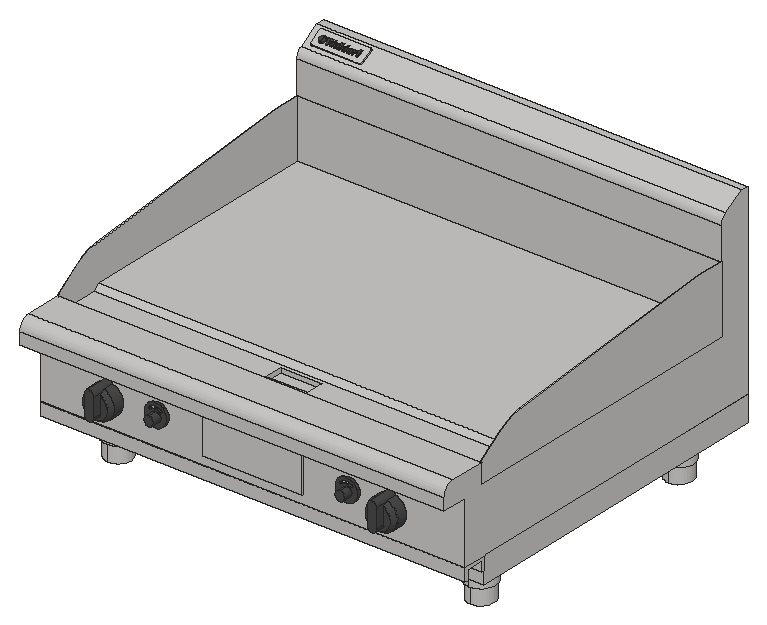
Revit family "QF_MOFFAT WALDORF_GP8900G-B", category Specialty Equipment, Revit 2012
Parameters
  Width [instance] = 900.0 mm  # constant formula
  Weight in Pounds = 346.1253
  URL Cutsheet = "www.moffat.com"
  URL = "www.moffat.com"
  Type Mark [instance] = ""
  Status [instance] = ""
  Specification by User [instance] = ""
  Specification by Manufacturer = ""
  Show Logo [instance] = yes
  Serial Number = ""
  Seismic Rating = ""
  SMACNA No = ""
  Revision Code [instance] = ""
  Omniclass Number and Title = ""
  NAFEM Spec ID Number = ""
  Model = "GP8900G-B"
  Mechanical Remarks [instance] = ""
  Mechanical Connection Type [instance] = ""
  Masterspec = ""
  Manufacturer = "MOFFAT WALDORF"
  Item Number [instance] = ""
  Installed By [instance] = ""
  Identify Quantity as Lot [instance] = yes
  Height [instance] = 530.0 mm  # constant formula
  Gas Size = 3/4"
  Gas RI Height [instance] = 0.0 mm
  Gas KW [instance] = 22.2
  Gas Input [instance] = 75825.0 Btu/h
  Gas Connection Height = 0.0 mm
  Furnished By [instance] = ""
  Foodservice Equipment Identifier [instance] = yes
  Description = "GRIDDLE PLATE GAS BENCH MOUNT"
  Depth [instance] = 805.0 mm  # constant formula
  CSI MasterFormat = ""
  CSI Master Format = ""
  Base Height [instance] = 80.0 mm
Reference planes
  plane 1 "BACK": y = 0
  plane 2: z = 0
  plane 3 "LEFT": x = 0
  plane 4 "RIGHT": x = 900
  plane 5 "FRONT": y = -805
  plane 6 "TOP": z = 530
  plane 7 "Center Y": x = 450
  plane 8 "Center X": y = -402.5
  plane 9 "Base Height": z = 80
  plane 10: x = 65
  plane 11: x = 834
Forms (mm)
  Extrusion 1, solid, material "QF_Finishes_Stainless Steel"
    sketch origin (0, 0, 0) x (0, 1, 0) y (0, 0, 1)
      loop
        line (-805, 291) -> (-805, 266) -> (-749, 266) -> (-749, 135) -> (0, 135) -> (0, 530) -> (-16.5, 530) -> (-58.709, 505.631)
        arc (-58.709, 505.631) -> (-66.975, 497.365) -> (-70, 486.074) r 22.582
        line (-70, 486.074) -> (-70, 275) -> (-705, 275) -> (-705, 315) -> (-781, 315)
        arc (-781, 315) -> (-797.971, 307.971) -> (-805, 291) r 24
      loop
        line (0, 80) -> (0, 134.206) -> (-699, 134.206) -> (-699, 80) -> (0, 80)
      loop
        line (-749, 134.206) -> (-749, 107.019) -> (-742.6, 107.019) -> (-742.6, 127.806) -> (-706.4, 127.806) -> (-706.4, 107.019) -> (-700, 107.019) -> (-700, 134.206) -> (-749, 134.206)
    from 0 to 900
  Revolve 2, solid, material "QF_Finishes_Stainless Steel"
    sketch origin (834, -210, 0) x (0, 1, 0) y (0, 0, -1)
      loop
        line (78.25, -80) -> (110, -80) -> (110, 0) -> (82.5, 0) -> (82.5, -35) -> (78.25, -35) -> (78.25, -80)
      axis (110, -80) -> (110, 0)
    angle from 0 to 360
  Revolve 3, solid, material "QF_Finishes_Stainless Steel"
    sketch origin (65, -210, 0) x (0, 1, 0) y (0, 0, 1)
      loop
        line (78.25, 80) -> (78.25, 35) -> (82.5, 35) -> (82.5, 0) -> (110, 0) -> (110, 80) -> (78.25, 80)
      axis (110, 80) -> (110, 0)
    angle from 0 to 360
  Extrusion 4, solid, material "QF_Finishes_Stainless Steel"
    sketch origin (705, 3, -500) x (1, 0, 0) y (0, 1, 0)
      loop
        circle (64, -35) r 13.5
    from 555 to 580
  Revolve 5, solid, material "QF_Finishes_Black"
    sketch origin (150, 0, -0.127) x (0, 1, 0) y (0, 0, -1)
      loop
        line (-782, -229.5) -> (-759, -229.5) -> (-759, -202) -> (-749, -202) -> (-749, -197) -> (-793, -197) -> (-793, -223.651) -> (-782, -229.5)
      axis (-793, -197) -> (-749, -197)
    angle from 0 to 360
  Extrusion 6, solid, material "QF_Finishes_Black"
    sketch origin (288.27, 0, 0.031) x (-1, 0, 0) y (0, 0, -1)
      loop
        arc (148.269, -184.969) -> (138.269, -174.969) -> (128.269, -184.969) r 10
        line (128.269, -184.969) -> (128.269, -223.969)
        arc (128.269, -223.969) -> (138.269, -233.969) -> (148.269, -223.969) r 10
        line (148.269, -223.969) -> (148.269, -184.969)
    from 759 to 808
  Revolve 7, solid, material "QF_Finishes_Stainless Steel"
    sketch origin (834, -735, 0) x (0, 1, 0) y (0, 0, -1)
      loop
        line (78.25, -80) -> (110, -80) -> (110, 0) -> (82.5, 0) -> (82.5, -35) -> (78.25, -35) -> (78.25, -80)
      axis (110, -80) -> (110, 0)
    angle from 0 to 360
  Revolve 8, solid, material "QF_Finishes_Stainless Steel"
    sketch origin (65, -735, 0) x (0, 1, 0) y (0, 0, 1)
      loop
        line (78.25, 80) -> (78.25, 35) -> (82.5, 35) -> (82.5, 0) -> (110, 0) -> (110, 80) -> (78.25, 80)
      axis (110, 80) -> (110, 0)
    angle from 0 to 360
  Extrusion 9, solid, material "QF_Finishes_Stainless Steel"
    sketch origin (-295, -749, 266) x (0, 0, -1) y (1, 0, 0)
      loop
        line (26.5, 640) -> (113.5, 640) -> (113.5, 850) -> (26.5, 850) -> (26.5, 640)
    from 0 to 2.5
  Extrusion 10, solid, material "QF_Finishes_Stainless Steel"
    sketch origin (-295, -751.5, 266) x (0, 0, -1) y (1, 0, 0)
      loop
        line (33.5, 850) -> (26.5, 850) -> (26.5, 640) -> (33.5, 640) -> (33.5, 850)
    from 0 to 5
  Extrusion 11, solid, material "QF_Finishes_Black"
    sketch origin (0, -749, 266) x (0, 0, -1) y (1, 0, 0)
      loop
        circle (68.75, 247.5) r 24
      loop
        arc (58.85, 262.413) -> (50.814, 247.625) -> (58.632, 232.719) r 17.868
        arc (58.632, 232.719) -> (59.112, 232.434) -> (59.627, 232.649) r 0.621
        arc (59.627, 232.649) -> (61.064, 235.208) -> (61.408, 238.122) r 7.495
        arc (61.408, 238.122) -> (61.204, 239.05) -> (60.756, 239.888) r 3.472
        arc (60.756, 239.888) -> (58.464, 247.351) -> (60.594, 254.862) r 13.786
        arc (60.594, 254.862) -> (61.234, 256.132) -> (61.499, 257.528) r 5.101
        arc (61.499, 257.528) -> (61.128, 260.047) -> (59.834, 262.239) r 6.611
        arc (59.834, 262.239) -> (59.372, 262.497) -> (58.85, 262.413) r 0.806
    from 0 to 5
  Extrusion 12, solid, material "QF_Finishes_Black"
    sketch origin (0, -754, 266) x (0, 0, -1) y (1, 0, 0)
      loop
        circle (72.25, 247.5) r 10
    from 0 to 18.251
  Revolve 13, solid, material "QF_Finishes_Black"
    sketch origin (750, 0, -0.127) x (0, 1, 0) y (0, 0, 1)
      loop
        line (-782, 229.5) -> (-793, 223.651) -> (-793, 197) -> (-749, 197) -> (-749, 202) -> (-759, 202) -> (-759, 229.5) -> (-782, 229.5)
      axis (-793, 197) -> (-749, 197)
    angle from 0 to 360
  Extrusion 14, solid, material "QF_Finishes_Black"
    sketch origin (611.73, 0, 0.031) x (1, 0, 0) y (0, 0, 1)
      loop
        line (148.269, 184.969) -> (148.269, 223.969)
        arc (148.269, 223.969) -> (138.269, 233.969) -> (128.269, 223.969) r 10
        line (128.269, 223.969) -> (128.269, 184.969)
        arc (128.269, 184.969) -> (138.269, 174.969) -> (148.269, 184.969) r 10
    from 759 to 808
  Extrusion 15, solid, material "QF_Finishes_Black"
    sketch origin (900, -749, 266) x (0, 0, -1) y (1, 0, 0)
      loop
        circle (68.75, -247.5) r 24
      loop
        arc (58.85, -262.413) -> (59.372, -262.497) -> (59.834, -262.239) r 0.806
        arc (59.834, -262.239) -> (61.128, -260.047) -> (61.499, -257.528) r 6.611
        arc (61.499, -257.528) -> (61.234, -256.132) -> (60.594, -254.862) r 5.101
        arc (60.594, -254.862) -> (58.464, -247.351) -> (60.756, -239.888) r 13.786
        arc (60.756, -239.888) -> (61.204, -239.05) -> (61.408, -238.122) r 3.472
        arc (61.408, -238.122) -> (61.064, -235.208) -> (59.627, -232.649) r 7.495
        arc (59.627, -232.649) -> (59.112, -232.434) -> (58.632, -232.719) r 0.621
        arc (58.632, -232.719) -> (50.814, -247.625) -> (58.85, -262.413) r 17.868
    from 0 to 5
  Extrusion 16, solid, material "QF_Finishes_Black"
    sketch origin (900, -754, 266) x (0, 0, -1) y (1, 0, 0)
      loop
        circle (72.25, -247.5) r 10
    from 0 to 18.251
Cuts and joins
  joined: Revolve 5, Extrusion 6
  joined: Extrusion 9, Extrusion 10
Lines and regions (mm)
  Split face 1
    outline origin (49.063, -19.748, 528.125) x (0, -0.866025, -0.5) y (1, 0, 0)
      loop
        line (1.427, 105.5) -> (35.836, 105.5) -> (35.836, 125.5) -> (1.427, 125.5) -> (1.427, 105.5)
  Split face 2
    outline origin (99.063, -19.748, 528.125) x (0, -0.866025, -0.5) y (1, 0, 0)
      loop
        line (1.427, 105.5) -> (35.836, 105.5) -> (35.836, 125.5) -> (1.427, 125.5) -> (1.427, 105.5)
  Split face 3
    outline origin (149.062, -19.748, 528.125) x (0, -0.866025, -0.5) y (1, 0, 0)
      loop
        line (1.427, 105.5) -> (35.836, 105.5) -> (35.836, 125.5) -> (1.427, 125.5) -> (1.427, 105.5)
  Split face 4
    outline origin (199.063, -19.748, 528.125) x (0, -0.866025, -0.5) y (1, 0, 0)
      loop
        line (1.427, 105.5) -> (35.836, 105.5) -> (35.836, 125.5) -> (1.427, 125.5) -> (1.427, 105.5)
  Split face 5
    outline origin (249.063, -19.748, 528.125) x (0, -0.866025, -0.5) y (1, 0, 0)
      loop
        line (1.427, 105.5) -> (35.836, 105.5) -> (35.836, 125.5) -> (1.427, 125.5) -> (1.427, 105.5)
  Split face 6
    outline origin (299.063, -19.748, 528.125) x (0, -0.866025, -0.5) y (1, 0, 0)
      loop
        line (1.427, 105.5) -> (35.836, 105.5) -> (35.836, 125.5) -> (1.427, 125.5) -> (1.427, 105.5)
  Split face 7
    outline origin (349.063, -19.748, 528.125) x (0, -0.866025, -0.5) y (1, 0, 0)
      loop
        line (1.427, 105.5) -> (35.836, 105.5) -> (35.836, 125.5) -> (1.427, 125.5) -> (1.427, 105.5)
  Split face 8
    outline origin (399.063, -19.748, 528.125) x (0, -0.866025, -0.5) y (1, 0, 0)
      loop
        line (1.427, 105.5) -> (35.836, 105.5) -> (35.836, 125.5) -> (1.427, 125.5) -> (1.427, 105.5)
  Split face 9
    outline origin (449.063, -19.748, 528.125) x (0, -0.866025, -0.5) y (1, 0, 0)
      loop
        line (1.427, 105.5) -> (35.836, 105.5) -> (35.836, 125.5) -> (1.427, 125.5) -> (1.427, 105.5)
  Split face 10
    outline origin (499.063, -19.748, 528.125) x (0, -0.866025, -0.5) y (1, 0, 0)
      loop
        line (1.427, 105.5) -> (35.836, 105.5) -> (35.836, 125.5) -> (1.427, 125.5) -> (1.427, 105.5)
  Split face 11
    outline origin (549.062, -19.748, 528.125) x (0, -0.866025, -0.5) y (1, 0, 0)
      loop
        line (1.427, 105.5) -> (35.836, 105.5) -> (35.836, 125.5) -> (1.427, 125.5) -> (1.427, 105.5)
  symbolic lines, visible <- "Show Logo"
    curve 1: line (12.5, -52.06, 0) -> (12.5, -21.099, 0)
    curve 2: line (121.5, -21.099, 0) -> (121.5, -52.06, 0)
    curve 3: line (12.5, -21.099, 0) -> (121.5, -21.099, 0)
    curve 4: line (12.5, -52.06, 0) -> (121.5, -52.06, 0)
  symbolic lines
    curve 5: line (154.563, -50.782, 0) -> (154.563, -20.984, 0)
    curve 6: line (154.563, -20.984, 0) -> (174.562, -20.984, 0)
    curve 7: line (174.562, -20.984, 0) -> (174.562, -50.782, 0)
    curve 8: line (174.562, -50.782, 0) -> (154.563, -50.782, 0)
    curve 9: line (204.563, -20.984, 0) -> (204.563, -50.782, 0)
    curve 10: line (204.563, -50.782, 0) -> (224.562, -50.782, 0)
    curve 11: line (224.562, -50.782, 0) -> (224.562, -20.984, 0)
    curve 12: line (224.562, -20.984, 0) -> (204.563, -20.984, 0)
    curve 13: line (254.563, -20.984, 0) -> (254.563, -50.782, 0)
    curve 14: line (254.563, -50.782, 0) -> (274.562, -50.782, 0)
    curve 15: line (274.562, -50.782, 0) -> (274.562, -20.984, 0)
    curve 16: line (274.562, -20.984, 0) -> (254.563, -20.984, 0)
    curve 17: line (0, -805, 0) -> (900, -805, 0)
    curve 18: line (0, 0, 0) -> (0, -805, 0)
    curve 19: line (900, 0, 0) -> (0, 0, 0)
    curve 20: line (0, -70, 0) -> (900, -70, 0)
    curve 21: line (900, -705, 0) -> (0, -705, 0)
    curve 22: line (304.563, -20.984, 0) -> (304.563, -50.782, 0)
    curve 23: line (304.563, -50.782, 0) -> (324.562, -50.782, 0)
    curve 24: line (324.562, -50.782, 0) -> (324.562, -20.984, 0)
    curve 25: line (324.562, -20.984, 0) -> (304.563, -20.984, 0)
    curve 26: line (354.563, -20.984, 0) -> (354.563, -50.782, 0)
    curve 27: line (354.563, -50.782, 0) -> (374.562, -50.782, 0)
    curve 28: line (374.562, -50.782, 0) -> (374.562, -20.984, 0)
    curve 29: line (374.562, -20.984, 0) -> (354.563, -20.984, 0)
    curve 30: line (404.563, -20.984, 0) -> (404.563, -50.782, 0)
    curve 31: line (404.563, -50.782, 0) -> (424.562, -50.782, 0)
    curve 32: line (424.562, -50.782, 0) -> (424.562, -20.984, 0)
    curve 33: line (424.562, -20.984, 0) -> (404.563, -20.984, 0)
    curve 34: line (454.563, -20.984, 0) -> (454.563, -50.782, 0)
    curve 35: line (454.563, -50.782, 0) -> (474.562, -50.782, 0)
    curve 36: line (474.562, -50.782, 0) -> (474.562, -20.984, 0)
    curve 37: line (474.562, -20.984, 0) -> (454.563, -20.984, 0)
    curve 38: line (504.563, -20.984, 0) -> (504.563, -50.782, 0)
    curve 39: line (504.563, -50.782, 0) -> (524.562, -50.782, 0)
    curve 40: line (524.562, -50.782, 0) -> (524.562, -20.984, 0)
    curve 41: line (524.562, -20.984, 0) -> (504.563, -20.984, 0)
    curve 42: line (554.563, -20.984, 0) -> (554.563, -50.782, 0)
    curve 43: line (554.563, -50.782, 0) -> (574.562, -50.782, 0)
    curve 44: line (574.562, -50.782, 0) -> (574.562, -20.984, 0)
    curve 45: line (574.562, -20.984, 0) -> (554.563, -20.984, 0)
    curve 46: line (604.563, -20.984, 0) -> (604.563, -50.782, 0)
    curve 47: line (604.563, -50.782, 0) -> (624.562, -50.782, 0)
    curve 48: line (624.562, -50.782, 0) -> (624.562, -20.984, 0)
    curve 49: line (624.562, -20.984, 0) -> (604.563, -20.984, 0)
    curve 50: line (654.563, -20.984, 0) -> (654.563, -50.782, 0)
    curve 51: line (654.563, -50.782, 0) -> (674.562, -50.782, 0)
    curve 52: line (674.562, -50.782, 0) -> (674.562, -20.984, 0)
    curve 53: line (674.562, -20.984, 0) -> (654.563, -20.984, 0)
    curve 54: line (900, -805, 0) -> (900, 0, 0)
Dimensions and locks
  equal spacing: plane 3 "LEFT", plane 7 "Center Y", plane 4 "RIGHT"
  "Width": plane 3 "LEFT" to plane 4 "RIGHT"
  equal spacing: plane 5 "FRONT", plane 8 "Center X", plane 1 "BACK"
  "Depth": plane 5 "FRONT" to plane 1 "BACK"
  "Base Height": plane 9 "Base Height" to level
  locked: plane 6 "TOP" to plane 9 "Base Height" at 450
  level to Extrusion 4 = 55.0 mm
  locked: Extrusion 4 to plane 9 "Base Height" at 25
  plane 6 "TOP" to nested 1 to nested 1 = 2.946 mm locked, 17.226 mm locked
  plane 6 "TOP" to level = 530.0 mm
  plane 11 to plane 10 = 769.0 mm
  aligned and locked: level to plane 2
  aligned and locked: plane 9 "Base Height" to Extrusion 4
  aligned and locked: Revolve 3 sketch curve to plane 9 "Base Height"
Automatic sketch dimensions
  curve 17 to plane 3 "LEFT" = 0.0 mm
  curve 20 to plane 4 "RIGHT" = 0.0 mm
  plane 1 "BACK" to curve 19 = 0.0 mm
  plane 5 "FRONT" to curve 17 = 0.0 mm
  plane 3 "LEFT" to curve 1 = 12.5 mm
  plane 10 to curve 4 = 56.5 mm
  curve 2 to curve 6 = 33.062 mm
  curve 5 to curve 8 = 20.0 mm
  curve 6 to curve 12 = 30.0 mm
  curve 9 to curve 10 = 20.0 mm
  curve 11 to curve 16 = 30.0 mm
  curve 13 to curve 15 = 20.0 mm
  curve 14 to curve 23 = 30.0 mm
  curve 22 to curve 23 = 20.0 mm
  curve 24 to curve 29 = 30.0 mm
  curve 26 to curve 27 = 20.0 mm
  curve 27 to curve 31 = 30.0 mm
  curve 30 to curve 32 = 20.0 mm
  plane 7 "Center Y" to curve 34 = 4.562 mm
  curve 34 to curve 37 = 20.0 mm
  curve 35 to curve 39 = 30.0 mm
  curve 38 to curve 41 = 20.0 mm
  curve 39 to curve 43 = 30.0 mm
  curve 42 to curve 44 = 20.0 mm
  curve 43 to curve 47 = 30.0 mm
  curve 46 to curve 48 = 20.0 mm
  curve 48 to curve 50 = 30.0 mm
  curve 50 to curve 52 = 20.0 mm
  curve 21 to plane 5 "FRONT" = 100.0 mm
  curve 20 to curve 19 = 70.0 mm
  plane 1 "BACK" to curve 2 = 52.06 mm
  plane 1 "BACK" to curve 7 = 50.782 mm
  plane 1 "BACK" to curve 44 = 50.782 mm
  curve 7 to curve 9 = 0.0 mm
  curve 43 to curve 46 = 0.0 mm
  curve 40 to curve 42 = 0.0 mm
  curve 10 to curve 13 = 0.0 mm
  curve 36 to curve 38 = 0.0 mm
  curve 47 to curve 50 = 0.0 mm
  curve 14 to curve 22 = 0.0 mm
  curve 32 to curve 34 = 0.0 mm
  curve 23 to curve 26 = 0.0 mm
  plane 1 "BACK" to curve 2 = 21.099 mm
  plane 1 "BACK" to curve 26 = 20.984 mm
  plane 1 "BACK" to curve 25 = 20.984 mm
  plane 1 "BACK" to curve 32 = 20.984 mm
  plane 1 "BACK" to curve 34 = 20.984 mm
  plane 1 "BACK" to curve 53 = 20.984 mm
  plane 1 "BACK" to curve 38 = 20.984 mm
  plane 1 "BACK" to curve 16 = 20.984 mm
  plane 1 "BACK" to curve 42 = 20.984 mm
  plane 1 "BACK" to curve 12 = 20.984 mm
  plane 1 "BACK" to curve 46 = 20.984 mm
  plane 1 "BACK" to curve 7 = 20.984 mm
  Extrusion 1 sketch curve to plane 5 "FRONT" = 0.0 mm
  Extrusion 1 sketch curve to plane 9 "Base Height" = 0.0 mm
  Extrusion 1 sketch curve to plane 6 "TOP" = 0.0 mm
  Extrusion 1 sketch curve to plane 1 "BACK" = 0.0 mm  (x2)
  Extrusion 1 sketch curve to plane 5 "FRONT" = 24.0 mm
  Extrusion 1 sketch curve to plane 5 "FRONT" = 56.0 mm
  Extrusion 1 sketch curve to Extrusion 1 sketch curve = 0.0 mm  (x2)
  Extrusion 1 sketch curve to Extrusion 1 sketch curve = 6.4 mm  (x3)
  Extrusion 1 sketch curve to Extrusion 1 sketch curve = 36.2 mm
  Extrusion 1 sketch curve to Extrusion 1 sketch curve = 44.0 mm
  Extrusion 1 sketch curve to Extrusion 1 sketch curve = 1.0 mm
  plane 1 "BACK" to Extrusion 1 sketch curve = 70.0 mm
  Extrusion 1 sketch curve to plane 6 "TOP" = 24.369 mm
  Extrusion 1 sketch curve to Extrusion 1 sketch curve = 11.291 mm  (x2)
  Extrusion 1 sketch curve to Extrusion 1 sketch curve = 16.5 mm
  plane 9 "Base Height" to Extrusion 1 sketch curve = 27.019 mm  (x2)
  Extrusion 1 sketch curve to Extrusion 1 sketch curve = 20.787 mm
  Extrusion 1 sketch curve to Extrusion 1 sketch curve = 0.794 mm
  Extrusion 1 sketch curve to Extrusion 1 sketch curve = 131.0 mm
  Extrusion 1 sketch curve to Extrusion 1 sketch curve = 140.0 mm
  Extrusion 1 sketch curve to Extrusion 1 sketch curve = 25.0 mm
  Revolve 2 sketch curve to plane 9 "Base Height" = 0.0 mm
  Revolve 2 sketch curve to level = 0.0 mm
  level to Revolve 2 sketch curve = 35.0 mm
  plane 1 "BACK" to Revolve 2 sketch curve = 131.75 mm
  Revolve 2 sketch curve to Revolve 2 sketch curve = 4.25 mm
  Revolve 2 sketch curve to Revolve 2 sketch curve = 27.5 mm
  Revolve 2 sketch curve to Revolve 2 sketch curve = 0.0 mm
  Revolve 2 sketch curve to Revolve 2 sketch curve = 30.0 mm
  Revolve 2 sketch curve to Revolve 2 sketch curve = 55.0 mm
  Revolve 3 sketch curve to level = 0.0 mm
  level to Revolve 3 sketch curve = 35.0 mm
  plane 1 "BACK" to Revolve 3 sketch curve = 131.75 mm
  Revolve 3 sketch curve to Revolve 3 sketch curve = 4.25 mm
  Revolve 3 sketch curve to Revolve 3 sketch curve = 27.5 mm
  Revolve 3 sketch curve to Revolve 3 sketch curve = 0.0 mm
  Revolve 3 sketch curve to Revolve 3 sketch curve = 55.0 mm
  Revolve 3 sketch curve to Revolve 3 sketch curve = 30.0 mm
  plane 1 "BACK" to Extrusion 4 sketch curve = 32.0 mm
  plane 11 to Extrusion 4 sketch curve = 65.0 mm
  Revolve 5 sketch curve to plane 5 "FRONT" = 12.0 mm
  Revolve 5 sketch curve to Revolve 5 sketch curve = 0.0 mm  (x2)
  Revolve 5 sketch curve to Revolve 5 sketch curve = 11.0 mm
  Revolve 5 sketch curve to Revolve 5 sketch curve = 12.7 mm
  Revolve 5 sketch curve to Revolve 5 sketch curve = 23.0 mm
  Revolve 5 sketch curve to Revolve 5 sketch curve = 10.0 mm
  plane 9 "Base Height" to Revolve 5 sketch curve = 149.373 mm
  Revolve 5 sketch curve to Revolve 5 sketch curve = 5.849 mm
  Revolve 5 sketch curve to Revolve 5 sketch curve = 27.5 mm
  Revolve 5 sketch curve to Revolve 5 sketch curve = 5.0 mm
  plane 10 to Extrusion 6 sketch curve = 95.001 mm
  Extrusion 6 sketch curve to Extrusion 6 sketch curve = 10.0 mm
  plane 9 "Base Height" to Extrusion 6 sketch curve = 144.0 mm
  Extrusion 6 sketch curve to Extrusion 6 sketch curve = 39.0 mm
  Extrusion 1 to Split face 1 sketch curve = 5.177 mm
  Split face 1 sketch curve to Extrusion 1 = 9.153 mm
  Split face 1 sketch curve to Extrusion 1 = 154.563 mm
  Split face 1 sketch curve to Split face 1 sketch curve = 20.0 mm
  Revolve 7 sketch curve to plane 9 "Base Height" = 0.0 mm
  Revolve 7 sketch curve to level = 0.0 mm
  level to Revolve 7 sketch curve = 35.0 mm
  Revolve 7 sketch curve to plane 5 "FRONT" = 148.25 mm
  Revolve 7 sketch curve to Revolve 7 sketch curve = 4.25 mm
  Revolve 7 sketch curve to Revolve 7 sketch curve = 27.5 mm
  Revolve 7 sketch curve to Revolve 7 sketch curve = 0.0 mm
  Revolve 7 sketch curve to Revolve 7 sketch curve = 30.0 mm
  Revolve 7 sketch curve to Revolve 7 sketch curve = 55.0 mm
  Revolve 8 sketch curve to plane 9 "Base Height" = 0.0 mm
  Revolve 8 sketch curve to level = 0.0 mm
  level to Revolve 8 sketch curve = 35.0 mm
  Revolve 8 sketch curve to plane 5 "FRONT" = 148.25 mm
  Revolve 8 sketch curve to Revolve 8 sketch curve = 4.25 mm
  Revolve 8 sketch curve to Revolve 8 sketch curve = 27.5 mm
  Revolve 8 sketch curve to Revolve 8 sketch curve = 0.0 mm
  Revolve 8 sketch curve to Revolve 8 sketch curve = 55.0 mm
  Revolve 8 sketch curve to Revolve 8 sketch curve = 30.0 mm
  Extrusion 1 to Split face 2 sketch curve = 5.177 mm
  Split face 2 sketch curve to Extrusion 1 = 9.153 mm
  Split face 2 sketch curve to Extrusion 1 = 204.563 mm
  Split face 2 sketch curve to Split face 2 sketch curve = 20.0 mm
  Extrusion 1 to Split face 3 sketch curve = 5.177 mm
  Split face 3 sketch curve to Extrusion 1 = 9.153 mm
  Split face 3 sketch curve to Extrusion 1 = 254.563 mm
  Split face 3 sketch curve to Split face 3 sketch curve = 20.0 mm
  Extrusion 1 to Extrusion 9 sketch curve = 26.5 mm
  Extrusion 9 sketch curve to Extrusion 1 = 17.5 mm
  Extrusion 1 to Extrusion 9 sketch curve = 345.0 mm
  Extrusion 9 sketch curve to Extrusion 9 sketch curve = 210.0 mm
  Extrusion 10 sketch curve to Extrusion 9 = 0.0 mm  (x2)
  Extrusion 9 to Extrusion 10 sketch curve = 0.0 mm
  Extrusion 10 sketch curve to Extrusion 9 = 7.0 mm
  Extrusion 1 to Extrusion 11 sketch curve = 53.937 mm
  Extrusion 11 sketch curve to Extrusion 11 sketch curve = 0.958 mm
  Extrusion 11 sketch curve to Extrusion 11 sketch curve = 1.509 mm
  Extrusion 11 sketch curve to Extrusion 11 sketch curve = 4.01 mm
  Extrusion 11 sketch curve to Extrusion 11 sketch curve = 0.685 mm
  Extrusion 11 sketch curve to Extrusion 11 sketch curve = 2.447 mm
  Extrusion 11 sketch curve to Extrusion 11 sketch curve = 0.524 mm
  Extrusion 11 sketch curve to Extrusion 11 sketch curve = 0.381 mm
  Extrusion 11 sketch curve to Extrusion 11 sketch curve = 0.472 mm
  Extrusion 11 sketch curve to Extrusion 11 sketch curve = 0.0 mm  (x5)
  Extrusion 11 sketch curve to Extrusion 11 sketch curve = 0.602 mm
  Extrusion 11 sketch curve to Extrusion 11 sketch curve = 4.19 mm
  Extrusion 11 sketch curve to Extrusion 11 sketch curve = 2.809 mm
  Extrusion 11 sketch curve to Extrusion 11 sketch curve = 0.652 mm
  Extrusion 11 sketch curve to Extrusion 11 sketch curve = 0.905 mm
  Extrusion 11 sketch curve to Extrusion 11 sketch curve = 8.087 mm
  Extrusion 11 sketch curve to Extrusion 11 sketch curve = 0.069 mm
  Extrusion 11 sketch curve to Extrusion 11 sketch curve = 3.5 mm
  Extrusion 1 to Extrusion 11 sketch curve = 232.649 mm
  Extrusion 11 sketch curve to Extrusion 11 sketch curve = 0.07 mm
  Extrusion 11 sketch curve to Extrusion 11 sketch curve = 7.606 mm
  Extrusion 11 sketch curve to Extrusion 11 sketch curve = 0.007 mm
  Revolve 13 sketch curve to plane 5 "FRONT" = 12.0 mm
  Revolve 13 sketch curve to Revolve 13 sketch curve = 0.0 mm  (x2)
  Revolve 13 sketch curve to Revolve 13 sketch curve = 11.0 mm
  Revolve 13 sketch curve to Revolve 13 sketch curve = 12.7 mm
  Revolve 13 sketch curve to Revolve 13 sketch curve = 23.0 mm
  Revolve 13 sketch curve to Revolve 13 sketch curve = 10.0 mm
  plane 9 "Base Height" to Revolve 13 sketch curve = 116.873 mm
  Revolve 13 sketch curve to Revolve 13 sketch curve = 5.0 mm
  Revolve 13 sketch curve to Revolve 13 sketch curve = 26.651 mm
  Revolve 13 sketch curve to Revolve 13 sketch curve = 5.849 mm
  plane 11 to Extrusion 14 sketch curve = 94.001 mm
  Extrusion 14 sketch curve to Extrusion 14 sketch curve = 10.0 mm
  plane 9 "Base Height" to Extrusion 14 sketch curve = 105.0 mm
  Extrusion 14 sketch curve to Extrusion 14 sketch curve = 39.0 mm
  Extrusion 1 to Extrusion 15 sketch curve = 53.937 mm
  Extrusion 15 sketch curve to Extrusion 15 sketch curve = 0.958 mm
  Extrusion 15 sketch curve to Extrusion 15 sketch curve = 1.509 mm
  Extrusion 15 sketch curve to Extrusion 15 sketch curve = 4.01 mm
  Extrusion 15 sketch curve to Extrusion 15 sketch curve = 0.685 mm
  Extrusion 15 sketch curve to Extrusion 15 sketch curve = 2.447 mm
  Extrusion 15 sketch curve to Extrusion 15 sketch curve = 0.524 mm
  Extrusion 15 sketch curve to Extrusion 15 sketch curve = 0.381 mm
  Extrusion 15 sketch curve to Extrusion 15 sketch curve = 0.472 mm
  Extrusion 15 sketch curve to Extrusion 15 sketch curve = 0.0 mm  (x5)
  Extrusion 15 sketch curve to Extrusion 15 sketch curve = 0.602 mm
  Extrusion 15 sketch curve to Extrusion 15 sketch curve = 4.19 mm
  Extrusion 15 sketch curve to Extrusion 15 sketch curve = 2.809 mm
  Extrusion 15 sketch curve to Extrusion 15 sketch curve = 0.652 mm
  Extrusion 15 sketch curve to Extrusion 15 sketch curve = 0.905 mm
  Extrusion 15 sketch curve to Extrusion 15 sketch curve = 8.087 mm
  Extrusion 15 sketch curve to Extrusion 15 sketch curve = 0.069 mm
  Extrusion 15 sketch curve to Extrusion 15 sketch curve = 3.5 mm
  Extrusion 1 to Extrusion 15 sketch curve = 262.413 mm
  Extrusion 15 sketch curve to Extrusion 15 sketch curve = 0.175 mm
  Extrusion 15 sketch curve to Extrusion 15 sketch curve = 7.362 mm
  Extrusion 15 sketch curve to Extrusion 15 sketch curve = 0.007 mm
  Extrusion 1 to Split face 4 sketch curve = 5.177 mm
  Split face 4 sketch curve to Extrusion 1 = 9.153 mm
  Split face 4 sketch curve to Extrusion 1 = 304.563 mm
  Split face 4 sketch curve to Split face 4 sketch curve = 20.0 mm
  Extrusion 1 to Split face 5 sketch curve = 5.177 mm
  Split face 5 sketch curve to Extrusion 1 = 9.153 mm
  Split face 5 sketch curve to Extrusion 1 = 354.563 mm
  Split face 5 sketch curve to Split face 5 sketch curve = 20.0 mm
  Extrusion 1 to Split face 6 sketch curve = 5.177 mm
  Split face 6 sketch curve to Extrusion 1 = 9.153 mm
  Split face 6 sketch curve to Extrusion 1 = 404.563 mm
  Split face 6 sketch curve to Split face 6 sketch curve = 20.0 mm
  Extrusion 1 to Split face 7 sketch curve = 5.177 mm
  Split face 7 sketch curve to Extrusion 1 = 9.153 mm
  Split face 7 sketch curve to Extrusion 1 = 445.437 mm
  Split face 7 sketch curve to Split face 7 sketch curve = 20.0 mm
  Extrusion 1 to Split face 8 sketch curve = 5.177 mm
  Split face 8 sketch curve to Extrusion 1 = 9.153 mm
  Split face 8 sketch curve to Extrusion 1 = 395.437 mm
  Split face 8 sketch curve to Split face 8 sketch curve = 20.0 mm
  Extrusion 1 to Split face 9 sketch curve = 5.177 mm
  Split face 9 sketch curve to Extrusion 1 = 9.153 mm
  Split face 9 sketch curve to Extrusion 1 = 345.437 mm
  Split face 9 sketch curve to Split face 9 sketch curve = 20.0 mm
  Extrusion 1 to Split face 10 sketch curve = 5.177 mm
  Split face 10 sketch curve to Extrusion 1 = 9.153 mm
  Split face 10 sketch curve to Extrusion 1 = 295.437 mm
  Split face 10 sketch curve to Split face 10 sketch curve = 20.0 mm
  Extrusion 1 to Split face 11 sketch curve = 5.177 mm
  Split face 11 sketch curve to Extrusion 1 = 9.153 mm
  Split face 11 sketch curve to Extrusion 1 = 245.437 mm
  Split face 11 sketch curve to Split face 11 sketch curve = 20.0 mm
  radius of Extrusion 4 sketch curve = 13.5 mm
  radius of Extrusion 11 sketch curve = 24.0 mm
  radius of Extrusion 12 sketch curve to Extrusion 11 = 3.786 mm
  radius of Extrusion 15 sketch curve = 24.0 mm
  radius of Extrusion 16 sketch curve to Extrusion 15 = 3.786 mm
Nested families
  nested 1: "WALDORF LOGO" at (12.5, -36.099, 502.127), visible <- "Show Logo", type "WALDORF LOGO", detail levels medium+fine
    with Type Mark "", Status "", Specification by User "", Show Logo yes, Revision Code "", Item Number "", Installed By "", Identify Quantity as Lot yes, Furnished By "", Foodservice Equipment Identifier yes
  nested 2: "GAS GRIDDLE PLATE" at (0, -70, 275), type "GAS GRIDDLE PLATE"
    with Type Mark "", Status "", Specification by User "", Show Clearance yes, Revision Code "", Number of Poles 1, Mechanical Remarks "", Mechanical Connection Type "", Item Number "", Installed By "", Identify Quantity as Lot yes, Gas RI Height 0.0 mm, Gas KW 0, Gas Input 0.0 Btu/h, Furnished By "", Foodservice Equipment Identifier yes, Electrical Remarks "", Electric Connection Type "", Elec Conn RI Height 0.0 mm, Elec Conn Connection Height 0.0 mm
Connectors
  piping at (769, -32, 55)
    settings: on Extrusion 4, index 2, connector radius 0.37402", flow factor 0, pipe flow 0 GPM, pressure drop 0.00 psi, fitting loss kfactor 0, connector angle 0.00°, fixture units 0, engagement length 0.0 mm, flow configuration 1, flow direction 1, fitting loss method 0, system type 7, joint type 0, gender type 0, connector reference index -1, connector utility 0, adjustable connector no, is connector primary yes, fitting loss table "", connector description "GAS CONNECTION"
Definition of nested family "WALDORF LOGO"
  Parameters (values of type "BT8300-CB-LOGO")
    Weight in Pounds = 0
    URL Cutsheet = ""
    Type Mark [instance] = ""
    Status [instance] = ""
    Specification by User [instance] = ""
    Specification by Manufacturer = ""
    Show Logo [instance] = yes
    Serial Number = ""
    Seismic Rating = ""
    SMACNA No = ""
    Revision Code [instance] = ""
    Omniclass Number and Title = ""
    NAFEM Spec ID Number = ""
    Masterspec = ""
    Item Number [instance] = ""
    Installed By [instance] = ""
    Identify Quantity as Lot [instance] = yes
    Furnished By [instance] = ""
    Foodservice Equipment Identifier [instance] = yes
    CSI MasterFormat = ""
    CSI Master Format = ""
  Reference planes
    plane 1 "BACK": y = 0
    plane 2: z = 0
    plane 3 "LEFT": x = 0
    plane 4 "RIGHT": x = 109
    plane 5 "FRONT": y = -1.588
    plane 6 "TOP": z = 34.14
    plane 7 "Center Y": x = 54.5
    plane 8 "Center X": y = -0.794
  Forms (mm)
    Extrusion 1, solid, material "QF_Finishes_Stainless Steel", visible <- "Show Logo"
      sketch origin (0, -15.16, 7.701) x (1, 0, 0) y (0, 0.863373, 0.504566)
        loop
          arc (5, 34.14) -> (1.464, 32.676) -> (0, 29.14) r 5
          line (0, 29.14) -> (0, 5)
          arc (0, 5) -> (1.464, 1.464) -> (5, 0) r 5
          line (5, 0) -> (104, 0)
          arc (104, 0) -> (107.536, 1.464) -> (109, 5) r 5
          line (109, 5) -> (109, 29.14)
          arc (109, 29.14) -> (107.536, 32.676) -> (104, 34.14) r 5
          line (104, 34.14) -> (5, 34.14)
      from 0 to 1.588
    Extrusion 2, solid, material "QF_Finishes_Black", visible <- "Show Logo"
      sketch origin (0, -15.961, 9.072) x (1, 0, 0) y (0, 0.863373, 0.504566)
        loop
          line (24.772, 23.214) -> (27.992, 10.301) -> (31.551, 10.301) -> (33.443, 17.364) -> (35.205, 10.301) -> (39.332, 10.301) -> (42.077, 23.214) -> (38.352, 23.214) -> (36.676, 15.33) -> (35, 23.214) -> (31.752, 23.214) -> (30.076, 15.33) -> (28.4, 23.214) -> (24.772, 23.214)
        loop
          line (42.272, 17.055) -> (45.703, 17.055)
          spline (45.703, 17.055) -> (45.741, 17.285) -> (45.852, 17.499) -> (46.028, 17.682) -> (46.258, 17.823) -> (46.526, 17.912) -> (46.813, 17.942) -> (47.1, 17.912) -> (47.368, 17.823) -> (47.597, 17.682) -> (47.774, 17.499) -> (47.884, 17.285) -> (47.922, 17.055)
          line (47.922, 17.055) -> (47.922, 16.222)
          arc (47.922, 16.222) -> (45.742, 16.014) -> (43.665, 15.317) r 9.604
          arc (43.665, 15.317) -> (41.924, 12.809) -> (43.665, 10.301) r 2.677
          arc (43.665, 10.301) -> (45.527, 10.353) -> (47.332, 10.816) r 8.365
          line (47.332, 10.816) -> (48.092, 11.105) -> (48.092, 10.301) -> (51.817, 10.301) -> (51.817, 17.055)
          spline (51.817, 17.055) -> (51.654, 17.821) -> (51.178, 18.535) -> (50.419, 19.148) -> (49.431, 19.619) -> (48.28, 19.914) -> (47.044, 20.015) -> (45.809, 19.914) -> (44.658, 19.619) -> (43.67, 19.148) -> (42.911, 18.535) -> (42.434, 17.821) -> (42.272, 17.055)
        loop
          line (53.151, 23.214) -> (53.151, 10.301) -> (57.37, 10.301) -> (57.37, 23.214) -> (53.151, 23.214)
        loop
          line (64.874, 23.214) -> (64.874, 18.857)
          arc (64.874, 18.857) -> (58.083, 15.11) -> (64.874, 11.363) r 4.429
          line (64.874, 11.363) -> (64.874, 10.301) -> (68.378, 10.301) -> (68.378, 23.214) -> (64.874, 23.214)
        loop
          arc (64.874, 16.083) -> (61.41, 14.987) -> (64.874, 13.891) r 1.905
          line (64.874, 13.891) -> (64.874, 16.083)
        loop
          circle (74.623, 15.223) r 5
        loop
          spline (74.623, 17.856) -> (74.355, 17.766) -> (74.105, 17.503) -> (73.891, 17.084) -> (73.726, 16.539) -> (73.623, 15.904) -> (73.588, 15.223) -> (73.623, 14.541) -> (73.726, 13.906) -> (73.891, 13.361) -> (74.105, 12.942) -> (74.355, 12.679) -> (74.623, 12.59)
          spline (74.623, 12.59) -> (74.891, 12.679) -> (75.141, 12.942) -> (75.355, 13.361) -> (75.52, 13.906) -> (75.623, 14.541) -> (75.659, 15.223) -> (75.623, 15.904) -> (75.52, 16.539) -> (75.355, 17.084) -> (75.141, 17.503) -> (74.891, 17.766) -> (74.623, 17.856)
        loop
          line (81.255, 19.813) -> (81.255, 10.301) -> (84.834, 10.301) -> (84.834, 14.176)
          arc (84.834, 14.176) -> (85.854, 16.093) -> (88.013, 16.32) r 2.313
          line (88.013, 16.32) -> (88.013, 19.813) -> (87.161, 19.813)
          arc (87.161, 19.813) -> (85.526, 19.266) -> (84.549, 17.844) r 2.717
          line (84.549, 17.844) -> (84.549, 19.813) -> (81.255, 19.813)
        loop
          line (90.249, 19.813) -> (88.91, 19.813) -> (88.91, 17.614) -> (90.249, 17.614) -> (90.249, 10.301) -> (93.998, 10.301) -> (93.998, 17.614) -> (95.418, 17.614) -> (95.418, 19.813) -> (93.998, 19.813)
          arc (93.998, 19.813) -> (94.414, 20.817) -> (95.418, 21.233) r 1.42
          line (95.418, 21.233) -> (95.418, 23.602) -> (93.317, 23.602)
          arc (93.317, 23.602) -> (91.343, 22.903) -> (90.249, 21.118) r 3.137
          line (90.249, 21.118) -> (90.249, 19.813)
        loop
          arc (15.241, 23.571) -> (8.392, 16.525) -> (15.241, 9.479) r 7.049
          line (15.241, 9.479) -> (15.241, 23.571)
        loop
          line (15.641, 23.571) -> (15.641, 9.479)
          arc (15.641, 9.479) -> (22.49, 16.525) -> (15.641, 23.571) r 7.049
        loop
          arc (47.922, 14.711) -> (46.266, 13.749) -> (47.922, 12.787) r 1.107
          line (47.922, 12.787) -> (47.922, 14.711)
      from 0 to 0.2
  Dimensions and locks
    equal spacing: plane 3 "LEFT", plane 7 "Center Y", plane 4 "RIGHT"
    plane 3 "LEFT" to plane 4 "RIGHT" = 109.0 mm
    equal spacing: plane 5 "FRONT", plane 8 "Center X", plane 1 "BACK"
    plane 5 "FRONT" to plane 1 "BACK" = 1.588 mm
    aligned and locked: level to plane 2
  Automatic sketch dimensions
    Extrusion 1 sketch curve to plane 3 "LEFT" = 0.0 mm
    Extrusion 1 sketch curve to plane 4 "RIGHT" = 0.0 mm
    plane 3 "LEFT" to Extrusion 1 sketch curve = 5.0 mm  (x2)
    plane 4 "RIGHT" to Extrusion 1 sketch curve = 5.0 mm  (x2)
    Extrusion 1 sketch curve to Extrusion 1 sketch curve = 24.14 mm
    Extrusion 2 sketch curve to Extrusion 2 sketch curve = 0.0 mm  (x14)
    Extrusion 2 sketch curve to Extrusion 1 = 15.241 mm
    Extrusion 2 sketch curve to Extrusion 2 sketch curve = 0.2 mm
    Extrusion 2 sketch curve to Extrusion 2 sketch curve = 0.4 mm
    Extrusion 2 sketch curve to Extrusion 2 sketch curve = 9.131 mm
    Extrusion 2 sketch curve to Extrusion 1 = 10.301 mm  (x2)
    Extrusion 2 sketch curve to Extrusion 2 sketch curve = 12.351 mm
    Extrusion 2 sketch curve to Extrusion 2 sketch curve = 3.628 mm
    Extrusion 2 sketch curve to Extrusion 2 sketch curve = 2.084 mm
    Extrusion 2 sketch curve to Extrusion 2 sketch curve = 3.559 mm
    Extrusion 2 sketch curve to Extrusion 1 = 10.926 mm  (x2)
    Extrusion 2 sketch curve to Extrusion 2 sketch curve = 3.352 mm  (x2)
    Extrusion 2 sketch curve to Extrusion 2 sketch curve = 3.367 mm
    Extrusion 2 sketch curve to Extrusion 2 sketch curve = 3.249 mm
    Extrusion 2 sketch curve to Extrusion 2 sketch curve = 3.654 mm
    Extrusion 2 sketch curve to Extrusion 1 = 15.33 mm
    Extrusion 2 sketch curve to Extrusion 2 sketch curve = 3.233 mm
    Extrusion 2 sketch curve to Extrusion 2 sketch curve = 4.128 mm
    Extrusion 2 sketch curve to Extrusion 2 sketch curve = 3.725 mm
    Extrusion 2 sketch curve to Extrusion 2 sketch curve = 5.596 mm
    Extrusion 2 sketch curve to Extrusion 2 sketch curve = 4.333 mm
    Extrusion 2 sketch curve to Extrusion 2 sketch curve = 1.394 mm
    Extrusion 2 sketch curve to Extrusion 2 sketch curve = 2.092 mm
    Extrusion 2 sketch curve to Extrusion 2 sketch curve = 0.936 mm
    Extrusion 2 sketch curve to Extrusion 2 sketch curve = 1.34 mm
    Extrusion 2 sketch curve to Extrusion 2 sketch curve = 1.109 mm
    Extrusion 2 sketch curve to Extrusion 2 sketch curve = 0.232 mm
    Extrusion 2 sketch curve to Extrusion 2 sketch curve = 2.731 mm
    Extrusion 2 sketch curve to Extrusion 2 sketch curve = 0.549 mm  (x2)
    Extrusion 2 sketch curve to Extrusion 2 sketch curve = 0.407 mm
    Extrusion 2 sketch curve to Extrusion 2 sketch curve = 0.76 mm
    Extrusion 2 sketch curve to Extrusion 2 sketch curve = 1.334 mm
    Extrusion 2 sketch curve to Extrusion 2 sketch curve = 4.219 mm
    Extrusion 2 sketch curve to Extrusion 2 sketch curve = 5.142 mm
    Extrusion 2 sketch curve to Extrusion 2 sketch curve = 0.803 mm
    Extrusion 2 sketch curve to Extrusion 2 sketch curve = 1.558 mm
    Extrusion 2 sketch curve to Extrusion 2 sketch curve = 3.504 mm
    Extrusion 2 sketch curve to Extrusion 2 sketch curve = 6.245 mm
    Extrusion 2 sketch curve to Extrusion 2 sketch curve = 6.632 mm
    Extrusion 2 sketch curve to Extrusion 2 sketch curve = 3.294 mm
    Extrusion 2 sketch curve to Extrusion 2 sketch curve = 3.579 mm
    Extrusion 2 sketch curve to Extrusion 2 sketch curve = 2.313 mm
    Extrusion 2 sketch curve to Extrusion 2 sketch curve = 2.612 mm
    Extrusion 2 sketch curve to Extrusion 2 sketch curve = 0.852 mm
    Extrusion 2 sketch curve to Extrusion 2 sketch curve = 0.897 mm
    Extrusion 2 sketch curve to Extrusion 2 sketch curve = 3.102 mm
    Extrusion 2 sketch curve to Extrusion 2 sketch curve = 1.338 mm
    Extrusion 2 sketch curve to Extrusion 2 sketch curve = 3.068 mm
    Extrusion 2 sketch curve to Extrusion 2 sketch curve = 0.681 mm
    Extrusion 2 sketch curve to Extrusion 2 sketch curve = 3.749 mm
    Extrusion 2 sketch curve to Extrusion 2 sketch curve = 1.42 mm
    Extrusion 2 sketch curve to Extrusion 2 sketch curve = 5.029 mm  (x2)
    Extrusion 2 sketch curve to Extrusion 1 = 9.479 mm
    Extrusion 2 sketch curve to Extrusion 2 sketch curve = 3.681 mm
    Extrusion 2 sketch curve to Extrusion 2 sketch curve = 0.515 mm
    Extrusion 2 sketch curve to Extrusion 2 sketch curve = 0.804 mm
    Extrusion 2 sketch curve to Extrusion 2 sketch curve = 1.062 mm
    Extrusion 2 sketch curve to Extrusion 2 sketch curve = 1.682 mm
    Extrusion 2 sketch curve to Extrusion 2 sketch curve = 2.508 mm
    Extrusion 2 sketch curve to Extrusion 2 sketch curve = 0.962 mm
    Extrusion 2 sketch curve to Extrusion 2 sketch curve = 2.528 mm
    Extrusion 2 sketch curve to Extrusion 2 sketch curve = 3.875 mm
    Extrusion 2 sketch curve to Extrusion 2 sketch curve = 1.096 mm
    Extrusion 2 sketch curve to Extrusion 2 sketch curve = 0.123 mm
    Extrusion 2 sketch curve to Extrusion 2 sketch curve = 4.922 mm
    Extrusion 2 sketch curve to Extrusion 2 sketch curve = 7.046 mm
    Extrusion 2 sketch curve to Extrusion 2 sketch curve = 0.833 mm
    Extrusion 2 sketch curve to Extrusion 2 sketch curve = 0.776 mm
    Extrusion 2 sketch curve to Extrusion 2 sketch curve = 2.034 mm
    Extrusion 2 sketch curve to Extrusion 2 sketch curve = 7.314 mm
    Extrusion 2 sketch curve to Extrusion 2 sketch curve = 1.295 mm
    Extrusion 2 sketch curve to Extrusion 2 sketch curve = 0.749 mm
    Extrusion 2 sketch curve to Extrusion 2 sketch curve = 2.633 mm
    Extrusion 2 sketch curve to Extrusion 2 sketch curve = 2.198 mm  (x2)
    Extrusion 2 sketch curve to Extrusion 2 sketch curve = 1.968 mm
    Extrusion 2 sketch curve to Extrusion 2 sketch curve = 0.653 mm
    Extrusion 2 sketch curve to Extrusion 2 sketch curve = 1.305 mm
    Extrusion 2 sketch curve to Extrusion 2 sketch curve = 4.357 mm
    Extrusion 2 sketch curve to Extrusion 2 sketch curve = 6.159 mm
    radius of Extrusion 2 sketch curve = 5.0 mm
Definition of nested family "GAS GRIDDLE PLATE"
  Parameters (values of type "GAS GRIDDLE PLATE")
    Weight in Pounds = 0
    Watts = 0 W
    Volts = 0 V
    URL Cutsheet = ""
    Type Mark [instance] = ""
    Status [instance] = ""
    Specification by User [instance] = ""
    Specification by Manufacturer = ""
    Show Clearance [instance] = yes
    Serial Number = ""
    Seismic Rating = ""
    SMACNA No = ""
    Revision Code [instance] = ""
    Phase = 1
    Omniclass Number and Title = ""
    Number of Poles [instance] = 1
    NAFEM Spec ID Number = ""
    Min Ckt Ampacity = 0 A
    Mechanical Remarks [instance] = ""
    Mechanical Connection Type [instance] = ""
    Max Overcurrent Protection = 0 A
    Masterspec = ""
    Item Number [instance] = ""
    Installed By [instance] = ""
    Identify Quantity as Lot [instance] = yes
    HP = ""
    Gas Size = 0"
    Gas RI Height [instance] = 0.0 mm
    Gas KW [instance] = 0
    Gas Input [instance] = 0.0 Btu/h
    Gas Connection Height = 0.0 mm
    Furnished By [instance] = ""
    Foodservice Equipment Identifier [instance] = yes
    FL Amps = 0 A
    Electrical Remarks [instance] = ""
    Electric Connection Type [instance] = ""
    Elec Conn RI Height [instance] = 0.0 mm
    Elec Conn Connection Height [instance] = 0.0 mm
    Cycle = 0 Hz
    Conn Plug = ""
    Conn Conduit = yes
    CSI MasterFormat = ""
    CSI Master Format = ""
    Apparent Power = if(Phase = 3, Volts * FL Amps * 1.73, Volts * FL Amps)  # 0 VA
  Reference planes
    plane 1 "BACK": y = 0
    plane 2: z = 0
    plane 3 "LEFT": x = 0
    plane 4 "RIGHT": x = 900
    plane 5 "FRONT": y = -634.4
    plane 6 "TOP": z = 142.5
    plane 7 "Center Y": x = 450
    plane 8 "Center X": y = -317.2
  Forms (mm)
    Extrusion 1, solid, material "QF_Finishes_Stainless Steel"
      sketch origin (0, 70.003, -875) x (0, 1, 0) y (0, 0, 1)
        loop
          line (-70, 875) -> (-70, 1017.5) -> (-126.948, 1017.5) -> (-604.433, 971.523)
          arc (-604.433, 971.523) -> (-629.46, 965.803) -> (-652.206, 953.899) r 100
          line (-652.206, 953.899) -> (-704.403, 917.35) -> (-704.403, 875) -> (-70, 875)
      from 0 to 1.8
    Extrusion 2, solid, material "QF_Finishes_Stainless Steel"
      sketch origin (150, 70.003, -875) x (0, 1, 0) y (0, 0, 1)
        loop
          line (-70, 895) -> (-601, 895) -> (-611.5, 884.5) -> (-704.403, 884.5) -> (-704.403, 875) -> (-70, 875) -> (-70, 895)
      from -148.2 to 748.2
    Extrusion 3, void
      sketch origin (150, -541.497, 9.5) x (0, -1, 0) y (1, 0, 0)
        loop
          line (10, 344.25) -> (10, 255.75) -> (48.5, 255.75) -> (48.5, 344.25) -> (10, 344.25)
      from -41.4 to 40.142
    Extrusion 4, solid, material "QF_Finishes_Stainless Steel"
      sketch origin (150, 0.003, 211.074) x (0, 0, -1) y (1, 0, 0)
        loop
          line (68.574, -148.2) -> (191.074, -148.2) -> (191.074, 748.2) -> (68.574, 748.2) -> (68.574, -148.2)
      from 0 to 1.683
    Extrusion 5, solid, material "QF_Finishes_Stainless Steel"
      sketch origin (900, 70.003, -875) x (0, 1, 0) y (0, 0, -1)
        loop
          line (-70, -875) -> (-704.403, -875) -> (-704.403, -917.35) -> (-652.206, -953.899)
          arc (-652.206, -953.899) -> (-629.46, -965.803) -> (-604.433, -971.523) r 100
          line (-604.433, -971.523) -> (-126.948, -1017.5) -> (-70, -1017.5) -> (-70, -875)
      from 0 to 1.8
  Cuts and joins
    Extrusion 3 cuts Extrusion 2
  Lines and regions (mm)
    symbolic lines
      curve 1: line (898.8, -530.997, 0) -> (1.8, -530.997, 0)
      curve 2: line (1.8, -541.497, 0) -> (898.8, -541.497, 0)
      curve 3: line (405.75, -551.497, 0) -> (405.75, -589.997, 0)
      curve 4: line (405.75, -589.997, 0) -> (494.25, -589.997, 0)
      curve 5: line (494.25, -589.997, 0) -> (494.25, -551.497, 0)
      curve 6: line (494.25, -551.497, 0) -> (405.75, -551.497, 0)
      curve 7: line (1.8, -1.68, 0) -> (898.8, -1.68, 0)
      curve 8: line (898.8, -1.68, 0) -> (898.8, -634.4, 0)
      curve 9: line (1.8, -634.4, 0) -> (1.8, -1.68, 0)
      curve 10: line (1.8, -634.4, 0) -> (898.8, -634.4, 0)
  Dimensions and locks
    equal spacing: plane 3 "LEFT", plane 7 "Center Y", plane 4 "RIGHT"
    plane 3 "LEFT" to plane 4 "RIGHT" = 900.0 mm
    equal spacing: plane 5 "FRONT", plane 8 "Center X", plane 1 "BACK"
    plane 5 "FRONT" to plane 1 "BACK" = 634.4 mm
    aligned and locked: level to plane 2
  Automatic sketch dimensions
    plane 5 "FRONT" to curve 10 = 0.0 mm
    plane 3 "LEFT" to curve 10 = 1.8 mm
    curve 4 to plane 5 "FRONT" = 44.403 mm
    plane 4 "RIGHT" to curve 4 = 494.25 mm
    plane 4 "RIGHT" to curve 5 = 405.75 mm
    plane 4 "RIGHT" to curve 8 = 1.2 mm
    curve 3 to curve 3 = 38.5 mm
    curve 2 to plane 5 "FRONT" = 92.903 mm
    curve 2 to curve 1 = 10.5 mm
    plane 1 "BACK" to curve 9 = 1.68 mm
    Extrusion 1 sketch curve to level = 0.0 mm
    Extrusion 1 sketch curve to plane 5 "FRONT" = 0.0 mm
    Extrusion 1 sketch curve to plane 6 "TOP" = 0.0 mm
    Extrusion 1 sketch curve to plane 5 "FRONT" = 52.197 mm
    Extrusion 1 sketch curve to Extrusion 1 sketch curve = 47.773 mm
    Extrusion 1 sketch curve to level = 3.016 mm
    Extrusion 1 sketch curve to Extrusion 1 sketch curve = 9.585 mm
    plane 1 "BACK" to Extrusion 1 sketch curve = 56.945 mm
    Extrusion 1 sketch curve to plane 1 "BACK" = 0.003 mm
    level to Extrusion 1 sketch curve = 42.35 mm
    Extrusion 1 sketch curve to plane 6 "TOP" = 63.601 mm
    Extrusion 2 sketch curve to level = 0.0 mm
    Extrusion 2 sketch curve to plane 5 "FRONT" = 0.0 mm
    level to Extrusion 2 sketch curve = 9.5 mm
    Extrusion 2 sketch curve to Extrusion 2 sketch curve = 92.903 mm
    Extrusion 2 sketch curve to Extrusion 2 sketch curve = 10.5 mm  (x2)
    Extrusion 2 sketch curve to plane 1 "BACK" = 0.003 mm
    Extrusion 2 to Extrusion 3 sketch curve = 10.0 mm
    Extrusion 3 sketch curve to Extrusion 3 sketch curve = 38.5 mm
    Extrusion 2 to Extrusion 3 sketch curve = 492.45 mm
    Extrusion 2 to Extrusion 3 sketch curve = 403.95 mm
    Extrusion 4 sketch curve to plane 6 "TOP" = 0.0 mm
    level to Extrusion 4 sketch curve = 20.0 mm
    plane 3 "LEFT" to Extrusion 4 sketch curve = 1.8 mm
    plane 7 "Center Y" to Extrusion 4 sketch curve = 448.2 mm
    Extrusion 5 sketch curve to level = 0.0 mm
    Extrusion 5 sketch curve to plane 5 "FRONT" = 0.0 mm
    Extrusion 5 sketch curve to plane 6 "TOP" = 0.0 mm
    Extrusion 5 sketch curve to plane 5 "FRONT" = 52.197 mm
    Extrusion 5 sketch curve to Extrusion 5 sketch curve = 47.773 mm
    Extrusion 5 sketch curve to level = 3.016 mm
    Extrusion 5 sketch curve to Extrusion 5 sketch curve = 57.358 mm
    plane 1 "BACK" to Extrusion 5 sketch curve = 56.945 mm
    Extrusion 5 sketch curve to plane 1 "BACK" = 0.003 mm
    Extrusion 5 sketch curve to plane 6 "TOP" = 45.977 mm
    level to Extrusion 5 sketch curve = 42.35 mm
